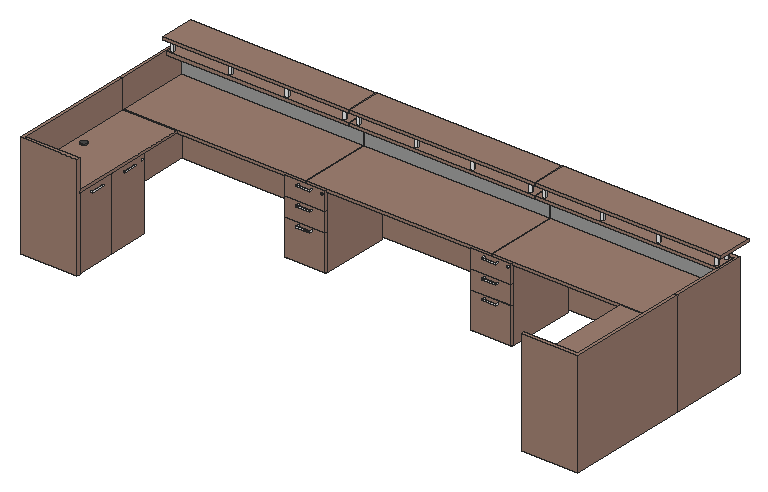
Revit family "T100123", category Furniture, Revit 2022
Family settings
  OmniClass Number = 23.40.20.00
  OmniClass Title = General Furniture and Specialties
  Work Plane-Based = No
  Always vertical = Yes
  Cut with Voids When Loaded = No
  Render Appearance Source = Family Geometry
  Shared = No
  Room Calculation Point = No
Parameters
  Default Elevation = 0' - 0"
Reference planes (in)
  plane 1 "Center Front/Back": y = 0
  plane 2: z = 0
  plane 3 "Center Left/Right": x = 0
Dimensions and locks (in)
  aligned and locked: level to plane 2
Nested families (in)
  nested 1: "OFS ELEMENT TRIPLE DESK WITH RETURN 216in" at (0, 0, 0), type "ELEMENT TRIPLE DESK WITH RETURN 216in Desk 48in Return"
    with Desk Overlay Option yes
  nested 2: "OFS ELEMENT DESK PEDESTAL" at (-36, 10.04085, 0), type "ELEMENT DESK PEDESTAL BOX/BOX/FILE RETURN"
  nested 3: "OFS ELEMENT DESK PEDESTAL" at (36, 10.04085, 0), type "ELEMENT DESK PEDESTAL BOX/BOX/FILE RETURN"
  nested 4: "OFS ELEMENT CPU FILE PEDESTAL" at (-105.375, -48.34375, 0) x (0, 1, 0) z (0, 0, 1), type "ELEMENT CPU FILE PEDESTAL WITH DOORS"
  nested 5: "OFS ELEMENT CPU FILE PEDESTAL" at (105.375, -48.34375, 0) x (0, -1, 0) z (0, 0, 1), type "ELEMENT CPU FILE PEDESTAL WITH DOORS"
  nested 6: "OFS ELEMENT INTERIOR TACKBOARD FOR DESK WITH TRANSACTION SHELF" at (0, 11.54085, 0), type "ELEMENT INTERIOR TACKBOARD FT1139"
Definition of nested family "OFS ELEMENT TRIPLE DESK WITH RETURN 216in"
  Parameters (values of type "ELEMENT TRIPLE DESK WITH RETURN 216in Desk 48in Return")
    Worksurface Material = none
    Width = 18' - 0"
    URL = "http://www.ofsbrands.com/"
    Transaction Shelf Material = none
    Table Supp from Lateral = 0' - 2 5/8"
    Table Supp from Center = 2' - 1"
    Table Depth = 1' - 1 1/2"
    Model = "EL-T72T48"
    Manufacturer = "OFS"
    Lateral Board Thickness = 0' - 1 3/16"
    Height = 3' - 9"
    Standoffs Material = none
    Groomet Material = none
    Desk Overlay Thickness = 0' - 0 1/8"
    Desk Overlay Option [instance] = yes
    Desk Overlay Material = none
    Desk Overlay = 0' - 6 1/2"
    Description = "OFS BRANDS OFS ELEMENT TRIPLE DESK WITH RETURN 216\" Width, 3 X 72\"W x 34.3125\"D DESK, 2 X 48\"W x 22\"D RETURN:"
    Depth = 6' - 10 5/16"
    Default Elevation = 0' - 0"
    Copyright © = "© 2018 OFS BRANDS"
    Catalog = "http://ofs.com/products/casegoods/reception/element"
    Bottom Board Offset = 0' - 0"
    Chassis Material = none
    Base Depth = 2' - 6"
    Back Board Thickness = 0' - 1 3/16"
    Authoring Version = "Autodesk Revit Architecture 2013"
    Assembly Code = "E2020200"
  Types (3): name | Model | Description | Depth
    (no name) | "EL-T72T48" | "OFS BRANDS OFS ELEMENT TRIPLE DESK WITH RETURN 216\" Width, 3 X 72\"W x 34.3125\"D DESK, 2 X 48\"W x 22\"D RETURN:" | 6' - 10 5/16"
    ELEMENT TRIPLE DESK WITH RETURN 216in Desk 48in Return | "EL-T72T48" | "OFS BRANDS OFS ELEMENT TRIPLE DESK WITH RETURN 216\" Width, 3 X 72\"W x 34.3125\"D DESK, 2 X 48\"W x 22\"D RETURN:" | 6' - 10 5/16"
    ELEMENT TRIPLE DESK WITH RETURN 216in Desk 60in Return | "EL-T72T60" | "OFS BRANDS OFS ELEMENT TRIPLE DESK WITH RETURN 216\" Width, 3 X 72\"W x 34.3125\"D DESK, 2 X 60\"W x 22\"D RETURN:" | 7' - 10 5/16"
  Reference planes (in)
    plane 1 "Center Front/Back": y = 0
    plane 2: z = 0
    plane 3 "Center Left/Right": x = 0
    plane 4 "Back External": y = 17.15625
    plane 5 "Right External": x = 108
    plane 6 "Front External": y = -17.15625
    plane 7 "Left External": x = -108
    plane 8 "Seat Height": z = 29.5
    plane 9 "Height": z = 45
    plane 10: x = 106.8125
    plane 11: x = -106.8125
    plane 12: y = 12.84375
    plane 13: y = 11.65625
    plane 14: y = 3.65625
    plane 15: z = 40.5
    plane 16: z = 28.5
    plane 17: z = 43.875
    plane 18: z = 39.375
    plane 19: z = 0
    plane 20: x = -105.375
    plane 21: x = 101.5
    plane 22: x = -101.5
    plane 23: z = 6.5
    plane 24: z = 34
    plane 25: y = 12.96875
    plane 26: x = -36
    plane 27: x = 36
    plane 28: x = -38.625
    plane 29: x = -83
    plane 30: x = -61
    plane 31: x = -33.375
    plane 32: x = 33.375
    plane 33: x = -11
    plane 34: x = 11
    plane 35: x = 105.375
    plane 36: x = 38.625
    plane 37: x = 83
    plane 38: x = 61
    plane 39: y = -65.15625
    plane 40: x = -86
    plane 41: y = -63.96875
    plane 42: x = -103
    plane 43: x = 86
    plane 44: x = 103
    plane 45: y = -40.5625
  Forms (in)
    Extrusion 1, solid, material <- "Worksurface Material"
      sketch origin (0, 0, 0) x (1, 0, 0) y (0, 1, 0)
        loop
          line (-106.8125, 11.65625) -> (-106.8125, -17.15625) -> (-36.03125, -17.15625) -> (-36.03125, 11.65625) -> (-106.8125, 11.65625)
        loop
          line (106.8125, -17.15625) -> (106.8125, 11.65625) -> (36.03125, 11.65625) -> (36.03125, -17.15625) -> (106.8125, -17.15625)
        loop
          line (-35.96875, 11.65625) -> (-35.96875, -17.15625) -> (35.96875, -17.15625) -> (35.96875, 11.65625) -> (-35.96875, 11.65625)
      from 28.5 to 29.5
    Extrusion 2, solid, material <- "Chassis Material"
      sketch origin (0, 0, 0) x (1, 0, 0) y (0, 1, 0)
        loop
          line (-108, -17.15625) -> (-106.8125, -17.15625) -> (-106.8125, 11.65625) -> (-36.03125, 11.65625) -> (-36.03125, 12.84375) -> (-108, 12.84375) -> (-108, -17.15625)
        loop
          line (108, 12.84375) -> (36.03125, 12.84375) -> (36.03125, 11.65625) -> (106.8125, 11.65625) -> (106.8125, -17.15625) -> (108, -17.15625) -> (108, 12.84375)
        loop
          line (-35.96875, 12.84375) -> (-35.96875, 11.65625) -> (35.96875, 11.65625) -> (35.96875, 12.84375) -> (-35.96875, 12.84375)
      from 0 to 40.5
    Extrusion 3, solid, material <- "Chassis Material"
      sketch origin (0, 0, 6) x (1, 0, 0) y (0, 1, 0)
        loop
          line (-106.8125, 11.65625) -> (-106.8125, 3.65625) -> (-36.03125, 3.65625) -> (-36.03125, 11.65625) -> (-106.8125, 11.65625)
        loop
          line (106.8125, 3.65625) -> (106.8125, 11.65625) -> (36.03125, 11.65625) -> (36.03125, 3.65625) -> (106.8125, 3.65625)
        loop
          line (-35.96875, 11.65625) -> (-35.96875, 3.65625) -> (35.96875, 3.65625) -> (35.96875, 11.65625) -> (-35.96875, 11.65625)
      from 33.375 to 34.5
    Extrusion 4, solid, material <- "Transaction Shelf Material"
      sketch origin (0, 0, 6) x (1, 0, 0) y (0, 1, 0)
        loop
          line (-108, 17.15625) -> (-108, 3.65625) -> (-36.03125, 3.65625) -> (-36.03125, 17.15625) -> (-108, 17.15625)
        loop
          line (108, 3.65625) -> (108, 17.15625) -> (36.03125, 17.15625) -> (36.03125, 3.65625) -> (108, 3.65625)
        loop
          line (35.96875, 3.65625) -> (35.96875, 17.15625) -> (-35.96875, 17.15625) -> (-35.96875, 3.65625) -> (35.96875, 3.65625)
      from 37.875 to 39
    Extrusion 5, solid, material <- "Standoffs Material"
      sketch origin (0, 0, 0) x (1, 0, 0) y (0, 1, 0)
        loop
          circle (-105.375, 10.04085) r 0.625
      from 40.5 to 43.875
    Extrusion 6, solid, material <- "Standoffs Material"
      sketch origin (0, -4.75, 0) x (1, 0, 0) y (0, 1, 0)
        loop
          circle (-105.375, 10.04085) r 0.625
      from 40.5 to 43.875
    Extrusion 7, solid, material <- "Desk Overlay Material", visible <- "Desk Overlay Option"
      sketch origin (0, 0, 0) x (1, 0, 0) y (0, 0, 1)
        loop
          line (101.5, 34) -> (-101.5, 34) -> (-101.5, 6.5) -> (101.5, 6.5) -> (101.5, 34)
      from -12.96875 to -12.84375
    Extrusion 8, solid, material <- "Chassis Material"
      sketch origin (-36, 0, 0) x (1, 0, 0) y (0, 1, 0)
        loop
          line (-0.5, 11.65625) -> (-0.5, 0) -> (0.5, 0) -> (0.5, 11.65625) -> (-0.5, 11.65625)
      from 0 to 28.5
    Extrusion 9, solid, material <- "Chassis Material"
      sketch origin (36, 0, 0) x (-1, 0, 0) y (0, -1, 0)
        loop
          line (-0.5, -11.65625) -> (0.5, -11.65625) -> (0.5, 0) -> (-0.5, 0) -> (-0.5, -11.65625)
      from 0 to 28.5
    Extrusion 10, solid, material <- "Standoffs Material"
      sketch origin (-144, 0, 0) x (-1, 0, 0) y (0, -1, 0)
        loop
          circle (-105.375, -10.04085) r 0.625
      from 40.5 to 43.875
    Extrusion 11, solid, material <- "Standoffs Material"
      sketch origin (-144, -4.75, 0) x (-1, 0, 0) y (0, -1, 0)
        loop
          circle (-105.375, -10.04085) r 0.625
      from 40.5 to 43.875
    Extrusion 12, solid, material <- "Standoffs Material"
      sketch origin (22, 0, 0) x (1, 0, 0) y (0, 1, 0)
        loop
          circle (-105, 10.04085) r 0.625
      from 40.5 to 43.875
    Extrusion 13, solid, material <- "Standoffs Material"
      sketch origin (22, -4.75, 0) x (1, 0, 0) y (0, 1, 0)
        loop
          circle (-105, 10.04085) r 0.625
      from 40.5 to 43.875
    Extrusion 14, solid, material <- "Standoffs Material"
      sketch origin (-166, 0, 0) x (-1, 0, 0) y (0, -1, 0)
        loop
          circle (-105, -10.04085) r 0.625
      from 40.5 to 43.875
    Extrusion 15, solid, material <- "Standoffs Material"
      sketch origin (-166, -4.75, 0) x (-1, 0, 0) y (0, -1, 0)
        loop
          circle (-105, -10.04085) r 0.625
      from 40.5 to 43.875
    Extrusion 16, solid, material <- "Standoffs Material"
      sketch origin (72, 0, 0) x (1, 0, 0) y (0, 1, 0)
        loop
          circle (-105.375, 10.04085) r 0.625
      from 40.5 to 43.875
    Extrusion 17, solid, material <- "Standoffs Material"
      sketch origin (72, -4.75, 0) x (1, 0, 0) y (0, 1, 0)
        loop
          circle (-105.375, 10.04085) r 0.625
      from 40.5 to 43.875
    Extrusion 18, solid, material <- "Standoffs Material"
      sketch origin (-72, 0, 0) x (-1, 0, 0) y (0, -1, 0)
        loop
          circle (-105.375, -10.04085) r 0.625
      from 40.5 to 43.875
    Extrusion 19, solid, material <- "Standoffs Material"
      sketch origin (-72, -4.75, 0) x (-1, 0, 0) y (0, -1, 0)
        loop
          circle (-105.375, -10.04085) r 0.625
      from 40.5 to 43.875
    Extrusion 20, solid, material <- "Standoffs Material"
      sketch origin (94, 0, 0) x (1, 0, 0) y (0, 1, 0)
        loop
          circle (-105, 10.04085) r 0.625
      from 40.5 to 43.875
    Extrusion 21, solid, material <- "Standoffs Material"
      sketch origin (94, -4.75, 0) x (1, 0, 0) y (0, 1, 0)
        loop
          circle (-105, 10.04085) r 0.625
      from 40.5 to 43.875
    Extrusion 22, solid, material <- "Standoffs Material"
      sketch origin (-94, 0, 0) x (-1, 0, 0) y (0, -1, 0)
        loop
          circle (-105, -10.04085) r 0.625
      from 40.5 to 43.875
    Extrusion 23, solid, material <- "Standoffs Material"
      sketch origin (-94, -4.75, 0) x (-1, 0, 0) y (0, -1, 0)
        loop
          circle (-105, -10.04085) r 0.625
      from 40.5 to 43.875
    Extrusion 24, solid, material <- "Standoffs Material"
      sketch origin (0, 0, 0) x (-1, 0, 0) y (0, -1, 0)
        loop
          circle (-105.375, -10.04085) r 0.625
      from 40.5 to 43.875
    Extrusion 25, solid, material <- "Standoffs Material"
      sketch origin (0, -4.75, 0) x (-1, 0, 0) y (0, -1, 0)
        loop
          circle (-105.375, -10.04085) r 0.625
      from 40.5 to 43.875
    Extrusion 26, solid, material <- "Standoffs Material"
      sketch origin (144, 0, 0) x (1, 0, 0) y (0, 1, 0)
        loop
          circle (-105.375, 10.04085) r 0.625
      from 40.5 to 43.875
    Extrusion 27, solid, material <- "Standoffs Material"
      sketch origin (144, -4.75, 0) x (1, 0, 0) y (0, 1, 0)
        loop
          circle (-105.375, 10.04085) r 0.625
      from 40.5 to 43.875
    Extrusion 28, solid, material <- "Standoffs Material"
      sketch origin (-22, 0, 0) x (-1, 0, 0) y (0, -1, 0)
        loop
          circle (-105, -10.04085) r 0.625
      from 40.5 to 43.875
    Extrusion 29, solid, material <- "Standoffs Material"
      sketch origin (-22, -4.75, 0) x (-1, 0, 0) y (0, -1, 0)
        loop
          circle (-105, -10.04085) r 0.625
      from 40.5 to 43.875
    Extrusion 30, solid, material <- "Standoffs Material"
      sketch origin (166, 0, 0) x (1, 0, 0) y (0, 1, 0)
        loop
          circle (-105, 10.04085) r 0.625
      from 40.5 to 43.875
    Extrusion 31, solid, material <- "Standoffs Material"
      sketch origin (166, -4.75, 0) x (1, 0, 0) y (0, 1, 0)
        loop
          circle (-105, 10.04085) r 0.625
      from 40.5 to 43.875
    Extrusion 32, solid, material <- "Chassis Material"
      sketch origin (-72, 0, 0) x (1, 0, 0) y (0, 1, 0)
        loop
          line (-36, -17.15625) -> (-36, -65.15625) -> (-14, -65.15625) -> (-14, -63.96875) -> (-34.8125, -63.96875) -> (-34.8125, -17.15625) -> (-36, -17.15625)
      from 0 to 40.5
    Extrusion 33, solid, material <- "Worksurface Material"
      sketch origin (-57.16074, -32.43958, 0) x (1, 0, 0) y (0, 1, 0)
        loop
          line (-49.65176, 15.28333) -> (-49.65176, -31.52917) -> (-28.83926, -31.52917) -> (-28.83926, 15.28333) -> (-49.65176, 15.28333)
      from 28.5 to 29.5
    Extrusion 34, solid, material <- "Chassis Material"
      sketch origin (72, 0, 0) x (-1, 0, 0) y (0, -1, 0)
        loop
          line (-36, 17.15625) -> (-34.8125, 17.15625) -> (-34.8125, 63.96875) -> (-14, 63.96875) -> (-14, 65.15625) -> (-36, 65.15625) -> (-36, 17.15625)
      from 0 to 40.5
    Extrusion 35, solid, material <- "Worksurface Material"
      sketch origin (57.16074, -32.43958, 0) x (-1, 0, 0) y (0, -1, 0)
        loop
          line (-49.65176, -15.28333) -> (-28.83926, -15.28333) -> (-28.83926, 31.52917) -> (-49.65176, 31.52917) -> (-49.65176, -15.28333)
      from 28.5 to 29.5
    Extrusion 36, solid, material <- "Groomet Material"
      sketch origin (-72, 6, 0) x (1, 0, 0) y (0, 1, 0)
        loop
          circle (-31, -46.5625) r 1.25
      from 29.5 to 29.625
    Extrusion 37, solid, material <- "Groomet Material"
      sketch origin (72, 6, 0) x (-1, 0, 0) y (0, -1, 0)
        loop
          circle (-31, 46.5625) r 1.25
      from 29.5 to 29.625
  Dimensions and locks (in)
    equal spacing: plane 7 "Left External", plane 3 "Center Left/Right", plane 5 "Right External"
    "Width": plane 7 "Left External" to plane 5 "Right External"
    equal spacing: plane 6 "Front External", plane 1 "Center Front/Back", plane 4 "Back External"
    "Depth": plane 4 "Back External" to plane 39
    plane 8 "Seat Height" to level = 2' - 5 1/2"
    "Height": plane 9 "Height" to level
    "Lateral Board Thickness": plane 7 "Left External" to plane 11
    "Lateral Board Thickness": plane 10 to plane 5 "Right External"
    "Base Depth": plane 12 to plane 6 "Front External"
    "Back Board Thickness": plane 12 to plane 13
    "Table Depth": plane 4 "Back External" to plane 14
    plane 15 to level = 3' - 4 1/2"
    "Bottom Board Offset": plane 19 to level
    "Table Supp from Lateral": plane 7 "Left External" to plane 20
    "Desk Overlay": plane 5 "Right External" to plane 21
    "Desk Overlay": plane 22 to plane 7 "Left External"
    plane 22 to plane 21 = 16' - 11"
    "Desk Overlay": plane 24 to plane 15
    "Desk Overlay": plane 19 to plane 23
    "Desk Overlay Thickness": plane 25 to plane 12
    equal spacing: plane 7 "Left External", plane 26, plane 27, plane 5 "Right External"
    "Table Supp from Lateral": plane 28 to plane 26
    "Table Supp from Center": plane 7 "Left External" to plane 29
    "Table Supp from Center": plane 30 to plane 26
    "Table Supp from Lateral": plane 26 to plane 31
    "Table Supp from Lateral": plane 32 to plane 27
    "Table Supp from Center": plane 26 to plane 33
    "Table Supp from Center": plane 34 to plane 27
    "Table Supp from Lateral": plane 5 "Right External" to plane 35
    "Table Supp from Lateral": plane 36 to plane 27
    "Table Supp from Center": plane 5 "Right External" to plane 37
    "Table Supp from Center": plane 38 to plane 27
    Extrusion 32 to plane 42 = 0' - 5"
    locked: plane 41 to plane 39 at 1.1875
    Extrusion 34 to plane 44 = 0' - 5"
    equal spacing: plane 6 "Front External", plane 45, plane 41
    aligned and locked: level to plane 2
    aligned and locked: Extrusion 1 sketch curve to plane 13
    aligned and locked: Extrusion 1 sketch curve to plane 11
    aligned and locked: Extrusion 1 sketch curve to plane 6 "Front External"
    aligned and locked: Extrusion 1 sketch curve to plane 10
    aligned and locked: plane 7 "Left External" to Extrusion 2 sketch curve
    aligned and locked: Extrusion 1 to Extrusion 2 sketch curve  (x2)
    aligned and locked: Extrusion 2 sketch curve to Extrusion 1  (x2)
    aligned and locked: Extrusion 2 sketch curve to plane 12
    aligned and locked: plane 5 "Right External" to Extrusion 2 sketch curve
    aligned and locked: Extrusion 2 sketch curve to plane 13
    aligned and locked: Extrusion 2 to plane 19
    aligned and locked: Extrusion 1 to plane 16
    aligned and locked: Extrusion 1 to plane 8 "Seat Height"
    aligned and locked: Extrusion 3 to plane 18
    aligned and locked: plane 11 to Extrusion 3
    aligned and locked: plane 10 to Extrusion 3
    aligned and locked: plane 13 to Extrusion 3
    aligned and locked: Extrusion 3 to plane 14
    aligned and locked: Extrusion 4 to plane 14
    aligned and locked: plane 4 "Back External" to Extrusion 4
    aligned and locked: Extrusion 4 to plane 9 "Height"
    aligned and locked: Extrusion 4 to plane 17
    aligned and locked: plane 5 "Right External" to Extrusion 4
    aligned and locked: Extrusion 4 to plane 7 "Left External"
    aligned and locked: Extrusion 7 sketch curve to plane 24
    aligned and locked: Extrusion 7 sketch curve to plane 21
    aligned and locked: Extrusion 7 sketch curve to plane 23
    aligned and locked: Extrusion 7 sketch curve to plane 22
    aligned and locked: Extrusion 7 to plane 12
    aligned and locked: Extrusion 7 to plane 25
    aligned and locked: Extrusion 32 sketch curve to plane 41
    aligned and locked: plane 40 to Extrusion 32 sketch curve
    aligned and locked: plane 39 to Extrusion 32 sketch curve
    aligned and locked: Extrusion 33 to plane 40
    aligned and locked: Extrusion 33 to plane 41
    aligned and locked: Extrusion 34 sketch curve to plane 41
    aligned and locked: Extrusion 34 sketch curve to plane 43
    aligned and locked: plane 43 to Extrusion 35
    aligned and locked: Extrusion 35 to plane 41
  Automatic sketch dimensions
    Extrusion 1 sketch curve to plane 6 "Front External" = 0' - 0"  (x2)
    Extrusion 1 sketch curve to plane 13 = 0' - 0"  (x2)
    Extrusion 1 sketch curve to plane 26 = 0' - 0 1/32"
    plane 26 to Extrusion 1 sketch curve = 0' - 0 1/32"
    Extrusion 1 sketch curve to plane 27 = 0' - 0 1/32"
    plane 27 to Extrusion 1 sketch curve = 0' - 0 1/32"
    Extrusion 2 sketch curve to plane 12 = 0' - 0"  (x2)
    Extrusion 2 sketch curve to plane 13 = 0' - 0"  (x2)
    Extrusion 2 sketch curve to plane 26 = 0' - 0 1/32"
    plane 26 to Extrusion 2 sketch curve = 0' - 0 1/32"
    Extrusion 2 sketch curve to plane 27 = 0' - 0 1/32"
    plane 27 to Extrusion 2 sketch curve = 0' - 0 1/32"
    Extrusion 3 sketch curve to plane 11 = 0' - 0"
    Extrusion 3 sketch curve to plane 13 = 0' - 0"  (x3)
    Extrusion 3 sketch curve to plane 14 = 0' - 0"  (x3)
    Extrusion 3 sketch curve to plane 10 = 0' - 0"
    Extrusion 3 sketch curve to plane 26 = 0' - 0 1/32"
    plane 26 to Extrusion 3 sketch curve = 0' - 0 1/32"
    Extrusion 3 sketch curve to plane 27 = 0' - 0 1/32"
    plane 27 to Extrusion 3 sketch curve = 0' - 0 1/32"
    Extrusion 4 sketch curve to plane 7 "Left External" = 0' - 0"
    Extrusion 4 sketch curve to plane 14 = 0' - 0"  (x3)
    Extrusion 4 sketch curve to plane 4 "Back External" = 0' - 0"  (x3)
    Extrusion 4 sketch curve to plane 5 "Right External" = 0' - 0"
    Extrusion 4 sketch curve to plane 26 = 0' - 0 1/32"
    plane 26 to Extrusion 4 sketch curve = 0' - 0 1/32"
    Extrusion 4 sketch curve to plane 27 = 0' - 0 1/32"
    plane 27 to Extrusion 4 sketch curve = 0' - 0 1/32"
    Extrusion 5 sketch curve to plane 20 = 0' - 0"
    Extrusion 5 sketch curve to plane 13 = 0' - 1.6154"
    Extrusion 6 sketch curve to plane 20 = 0' - 0"
    plane 14 to Extrusion 6 sketch curve = 0' - 1.6346"
    plane 1 "Center Front/Back" to Extrusion 8 sketch curve = 0' - 0"
    Extrusion 8 sketch curve to plane 13 = 0' - 0"
    Extrusion 8 sketch curve to plane 26 = 0' - 0 1/2"
    plane 26 to Extrusion 8 sketch curve = 0' - 0 1/2"
    plane 1 "Center Front/Back" to Extrusion 9 sketch curve = 0' - 0"
    Extrusion 9 sketch curve to plane 13 = 0' - 0"
    Extrusion 9 sketch curve to plane 27 = 0' - 0 1/2"
    plane 27 to Extrusion 9 sketch curve = 0' - 0 1/2"
    Extrusion 10 sketch curve to plane 28 = 0' - 0"
    plane 13 to Extrusion 10 sketch curve = 0' - 1.6154"
    Extrusion 11 sketch curve to plane 28 = 0' - 0"
    Extrusion 11 sketch curve to plane 14 = 0' - 1.6346"
    Extrusion 12 sketch curve to plane 29 = 0' - 0"
    Extrusion 12 sketch curve to plane 13 = 0' - 1.6154"
    Extrusion 13 sketch curve to plane 29 = 0' - 0"
    plane 14 to Extrusion 13 sketch curve = 0' - 1.6346"
    Extrusion 14 sketch curve to plane 30 = 0' - 0"
    plane 13 to Extrusion 14 sketch curve = 0' - 1.6154"
    Extrusion 15 sketch curve to plane 30 = 0' - 0"
    Extrusion 15 sketch curve to plane 14 = 0' - 1.6346"
    Extrusion 16 sketch curve to plane 31 = 0' - 0"
    Extrusion 16 sketch curve to plane 13 = 0' - 1.6154"
    Extrusion 17 sketch curve to plane 31 = 0' - 0"
    plane 14 to Extrusion 17 sketch curve = 0' - 1.6346"
    Extrusion 18 sketch curve to plane 32 = 0' - 0"
    plane 13 to Extrusion 18 sketch curve = 0' - 1.6154"
    Extrusion 19 sketch curve to plane 32 = 0' - 0"
    Extrusion 19 sketch curve to plane 14 = 0' - 1.6346"
    Extrusion 20 sketch curve to plane 33 = 0' - 0"
    Extrusion 20 sketch curve to plane 13 = 0' - 1.6154"
    Extrusion 21 sketch curve to plane 33 = 0' - 0"
    plane 14 to Extrusion 21 sketch curve = 0' - 1.6346"
    Extrusion 22 sketch curve to plane 34 = 0' - 0"
    plane 13 to Extrusion 22 sketch curve = 0' - 1.6154"
    Extrusion 23 sketch curve to plane 34 = 0' - 0"
    Extrusion 23 sketch curve to plane 14 = 0' - 1.6346"
    Extrusion 24 sketch curve to plane 35 = 0' - 0"
    plane 13 to Extrusion 24 sketch curve = 0' - 1.6154"
    Extrusion 25 sketch curve to plane 35 = 0' - 0"
    Extrusion 25 sketch curve to plane 14 = 0' - 1.6346"
    Extrusion 26 sketch curve to plane 36 = 0' - 0"
    Extrusion 26 sketch curve to plane 13 = 0' - 1.6154"
    Extrusion 27 sketch curve to plane 36 = 0' - 0"
    plane 14 to Extrusion 27 sketch curve = 0' - 1.6346"
    Extrusion 28 sketch curve to plane 37 = 0' - 0"
    plane 13 to Extrusion 28 sketch curve = 0' - 1.6154"
    Extrusion 29 sketch curve to plane 37 = 0' - 0"
    Extrusion 29 sketch curve to plane 14 = 0' - 1.6346"
    Extrusion 30 sketch curve to plane 38 = 0' - 0"
    Extrusion 30 sketch curve to plane 13 = 0' - 1.6154"
    Extrusion 31 sketch curve to plane 38 = 0' - 0"
    plane 14 to Extrusion 31 sketch curve = 0' - 1.6346"
    Extrusion 32 sketch curve to plane 7 "Left External" = 0' - 0"
    Extrusion 32 sketch curve to plane 11 = 0' - 0"
    Extrusion 32 sketch curve to plane 6 "Front External" = 0' - 0"
    Extrusion 33 sketch curve to plane 11 = 0' - 0"
    Extrusion 33 sketch curve to plane 40 = 0' - 0"
    Extrusion 33 sketch curve to plane 41 = 0' - 0"
    Extrusion 33 sketch curve to plane 6 "Front External" = 0' - 0"
    Extrusion 34 sketch curve to plane 5 "Right External" = 0' - 0"
    Extrusion 34 sketch curve to plane 10 = 0' - 0"
    plane 6 "Front External" to Extrusion 34 sketch curve = 0' - 0"
    plane 39 to Extrusion 34 sketch curve = 0' - 0"
    Extrusion 35 sketch curve to plane 10 = 0' - 0"
    plane 41 to Extrusion 35 sketch curve = 0' - 0"
    Extrusion 35 sketch curve to plane 43 = 0' - 0"
    plane 6 "Front External" to Extrusion 35 sketch curve = 0' - 0"
    Extrusion 36 sketch curve to plane 42 = 0' - 0"
    Extrusion 36 sketch curve to plane 45 = 0' - 0"
    Extrusion 37 sketch curve to plane 44 = 0' - 0"
    Extrusion 37 sketch curve to plane 45 = 0' - 0"
    radius of Extrusion 5 sketch curve = 0' - 0 5/8"
    radius of Extrusion 6 sketch curve = 0' - 0 5/8"
    radius of Extrusion 10 sketch curve = 0' - 0 5/8"
    radius of Extrusion 11 sketch curve = 0' - 0 5/8"
    radius of Extrusion 12 sketch curve = 0' - 0 5/8"
    radius of Extrusion 13 sketch curve = 0' - 0 5/8"
    radius of Extrusion 14 sketch curve = 0' - 0 5/8"
    radius of Extrusion 15 sketch curve = 0' - 0 5/8"
    radius of Extrusion 16 sketch curve = 0' - 0 5/8"
    radius of Extrusion 17 sketch curve = 0' - 0 5/8"
    radius of Extrusion 18 sketch curve = 0' - 0 5/8"
    radius of Extrusion 19 sketch curve = 0' - 0 5/8"
    radius of Extrusion 20 sketch curve = 0' - 0 5/8"
    radius of Extrusion 21 sketch curve = 0' - 0 5/8"
    radius of Extrusion 22 sketch curve = 0' - 0 5/8"
    radius of Extrusion 23 sketch curve = 0' - 0 5/8"
    radius of Extrusion 24 sketch curve = 0' - 0 5/8"
    radius of Extrusion 25 sketch curve = 0' - 0 5/8"
    radius of Extrusion 26 sketch curve = 0' - 0 5/8"
    radius of Extrusion 27 sketch curve = 0' - 0 5/8"
    radius of Extrusion 28 sketch curve = 0' - 0 5/8"
    radius of Extrusion 29 sketch curve = 0' - 0 5/8"
    radius of Extrusion 30 sketch curve = 0' - 0 5/8"
    radius of Extrusion 31 sketch curve = 0' - 0 5/8"
    radius of Extrusion 36 sketch curve = 0' - 1 1/4"
    radius of Extrusion 37 sketch curve = 0' - 1 1/4"
Definition of nested family "OFS ELEMENT DESK PEDESTAL"
  Parameters (values of type "ELEMENT DESK PEDESTAL FILE/FILE RETURN")
    Worksurface Material = none
    Width = 1' - 3 5/8"
    URL = "http://ofsbrands.com"
    Top Thickness = 0' - 0"
    Lateral Boads Thickness = 0' - 0 5/8"
    Frontboard Thickness = 0' - 0 3/4"
    Frontboard Space = 0' - 0 1/4"
    Drawer Handles Material = none
    Drawer Handle Width = 0' - 5 7/16"
    Drawer Handle Depth = 0' - 1"
    Drawer 1 Height = 1' - 2 1/2"
    Door Gap = 0' - 0 1/8"
    Depth = 2' - 3 5/8"
    Model = "EL-1628MFFC"
    Manufacturer = "OFS"
    Height = 2' - 4 13/16"
    Description = "OFS BRANDS OFS ELEMENT DESK PEDESTAL FILE/FILE RETURN, Two File Drawers"
    Default Elevation = 0' - 0"
    Copyright © = "© OFS BRANDS 2018"
    Chasis Material = none
    Catalog = "http://ofs.com/products/casegoods/reception/element"
    Bottomboard Thickness = 0' - 0 15/16"
    Bottom Board Offset = 0' - 0 9/16"
    Backboard Thickness = 0' - 0 15/16"
    Authoring Version = "Autodesk Revit Architecture 2013"
    Assembly Code = "E2020200"
    2 = no
    1 = yes
  Types (3): name | Model | Description | 2 | 1
    (no name) | "EL-1628MFFC" | "OFS BRANDS OFS ELEMENT DESK PEDESTAL FILE/FILE RETURN, Two File Drawers" | no | yes
    ELEMENT DESK PEDESTAL BOX/BOX/FILE RETURN | "EL-1628MBFC" | "OFS BRANDS OFS ELEMENT DESK PEDESTAL BOX/BOX/FILE RETURN, Two Box Drawers, One File Drawer" | yes | no
    ELEMENT DESK PEDESTAL FILE/FILE RETURN | "EL-1628MFFC" | "OFS BRANDS OFS ELEMENT DESK PEDESTAL FILE/FILE RETURN, Two File Drawers" | no | yes
  Reference planes (in)
    plane 1 "Center Front/Back": y = 0
    plane 2: z = 0
    plane 3 "Center Left/Right": x = 0
    plane 4 "Left End": x = -7.8125
    plane 5 "Front End": y = -27.625
    plane 6 "Right End": x = 7.8125
    plane 7 "Height Top": z = 28.8125
    plane 8: z = 0.5625
    plane 9: y = -0.9375
    plane 10: y = -27.375
    plane 11: x = 7.1875
    plane 12: x = -7.1875
    plane 13: y = -26.625
    plane 14: z = 1.5
    plane 15: z = 28.8125
    plane 16: x = 0
    plane 17: x = -2.71875
    plane 18: x = 2.71875
    plane 19: y = -28.375
    plane 20: y = -22.31418
    plane 21: x = -2.46875
    plane 22: y = -28.125
    plane 23: x = 2.46875
    plane 24: z = 27.8125
    plane 25: z = 27.3125
    plane 26: z = 14.5
    plane 27: z = 14.375
    plane 28: z = 21.65625
    plane 29: z = 21.53125
    plane 30: z = 20.65625
    plane 31: z = 20.15625
    plane 32: z = 13.5
    plane 33: z = 13
    plane 34: z = 14.96875
    plane 35: z = 14.03125
  Forms (in)
    Extrusion 1, solid, material <- "Chasis Material"
      sketch origin (-3.125, -5.41266, 0) x (1, 0, 0) y (0, 1, 0)
        loop
          line (-4.6875, 5.41266) -> (-4.6875, -21.21234) -> (-4.0625, -21.21234) -> (-4.0625, 5.41266) -> (-4.6875, 5.41266)
      from 0 to 28.8125
    Extrusion 2, solid, material <- "Chasis Material"
      sketch origin (37.875, -5.41266, 0) x (1, 0, 0) y (0, 1, 0)
        loop
          line (-30.6875, 5.41266) -> (-30.6875, -21.21234) -> (-30.0625, -21.21234) -> (-30.0625, 5.41266) -> (-30.6875, 5.41266)
      from 0 to 28.8125
    Extrusion 3, solid, material <- "Chasis Material"
      sketch origin (-5.10739, -10.02382, 0) x (1, 0, 0) y (0, 1, 0)
        loop
          line (-2.70511, -16.60118) -> (-2.70511, -17.35118) -> (12.91989, -17.35118) -> (12.91989, -16.60118) -> (-2.70511, -16.60118)
      from 0.5625 to 14.375
    Extrusion 4, solid, material <- "Chasis Material"
      sketch origin (0, 0, 0) x (1, 0, 0) y (0, 1, 0)
        loop
          line (-7.1875, -0.9375) -> (-7.1875, -26.625) -> (7.1875, -26.625) -> (7.1875, -0.9375) -> (-7.1875, -0.9375)
      from 0.5625 to 1.5
    Extrusion 5, solid, material <- "Drawer Handles Material"
      sketch origin (7.8125, 0, 0) x (1, 0, 0) y (0, 1, 0)
        loop
          line (-10.53125, -27.375) -> (-10.53125, -28.375) -> (-5.09375, -28.375) -> (-5.09375, -27.375) -> (-5.34375, -27.375) -> (-5.34375, -28.125) -> (-10.28125, -28.125) -> (-10.28125, -27.375) -> (-10.53125, -27.375)
      from 27.3125 to 27.8125
    Extrusion 6, solid, material <- "Drawer Handles Material", visible <- "2"
      sketch origin (7.8125, 0, -7.15625) x (1, 0, 0) y (0, 1, 0)
        loop
          line (-10.53125, -27.375) -> (-10.53125, -28.375) -> (-5.09375, -28.375) -> (-5.09375, -27.375) -> (-5.34375, -27.375) -> (-5.34375, -28.125) -> (-10.28125, -28.125) -> (-10.28125, -27.375) -> (-10.53125, -27.375)
      from 27.3125 to 27.8125
    Extrusion 7, solid, material <- "Drawer Handles Material"
      sketch origin (7.8125, 0, -14.3125) x (1, 0, 0) y (0, 1, 0)
        loop
          line (-10.53125, -27.375) -> (-10.53125, -28.375) -> (-5.09375, -28.375) -> (-5.09375, -27.375) -> (-5.34375, -27.375) -> (-5.34375, -28.125) -> (-10.28125, -28.125) -> (-10.28125, -27.375) -> (-10.53125, -27.375)
      from 27.3125 to 27.8125
    Extrusion 8, solid, material <- "Chasis Material", visible <- "1"
      sketch origin (-5.10739, -10.02382, 10.75) x (1, 0, 0) y (0, 1, 0)
        loop
          line (-2.70511, -16.60118) -> (-2.70511, -17.35118) -> (12.91989, -17.35118) -> (12.91989, -16.60118) -> (-2.70511, -16.60118)
      from 3.75 to 18.0625
    Extrusion 9, solid, material <- "Chasis Material", visible <- "2"
      sketch origin (-18.01928, -10.02382, 13.32115) x (-1, 0, 0) y (0, -1, 0)
        loop
          line (-25.83178, 16.60118) -> (-10.20678, 16.60118) -> (-10.20678, 17.35118) -> (-25.83178, 17.35118) -> (-25.83178, 16.60118)
      from 8.3351 to 15.49135
    Extrusion 10, solid, material <- "Chasis Material", visible <- "2"
      sketch origin (-20.85209, -10.02382, 6.64749) x (-1, 0, 0) y (0, -1, 0)
        loop
          line (-28.66459, 16.60118) -> (-13.03959, 16.60118) -> (-13.03959, 17.35118) -> (-28.66459, 17.35118) -> (-28.66459, 16.60118)
      from 7.85251 to 14.88376
    Extrusion 11, solid, material <- "Chasis Material"
      sketch origin (0, 0, 0) x (0, 1, 0) y (0, 0, 1)
        loop
          line (-22.87008, 28.23707) -> (-22.87008, 27.4375) -> (-20.37008, 27.4375) -> (-20.37008, 28.23707) -> (-22.87008, 28.23707)
        loop
          line (-2.53617, 27.4375) -> (-0.03617, 27.4375) -> (-0.03617, 28.23707) -> (-2.53617, 28.23707) -> (-2.53617, 27.4375)
        loop
          line (-0.9375, 23.05758) -> (-0.07543, 23.05758) -> (-0.07543, 25.55758) -> (-0.9375, 25.55758) -> (-0.9375, 23.05758)
        loop
          line (-0.9375, 3.00492) -> (-0.07543, 3.00492) -> (-0.07543, 5.50492) -> (-0.9375, 5.50492) -> (-0.9375, 3.00492)
      from -7.1875 to 7.1875
    Extrusion 12, solid, material <- "Chasis Material"
      sketch origin (0, 0, 0) x (1, 0, 0) y (0, 0, 1)
        loop
          line (-7.1875, 14.96875) -> (-7.1875, 14.03125) -> (7.1875, 14.03125) -> (7.1875, 14.96875) -> (-7.1875, 14.96875)
      from 0.9375 to 26.625
    Blend 13, solid, material <- "Drawer Handles Material"
      base sketch origin (-45.26475, -5.625, 1.53469) x (1, 0, 0) y (0, 0, 1)
        loop
          circle (51.8743, 26.01563) r 0.31101
      top sketch origin (-45.26475, -5.625, 1.53469) x (1, 0, 0) y (0, 0, 1)
        loop
          circle (51.8743, 26.01563) r 0.25
      from 21.75 to 22
  Dimensions and locks (in)
    "Height": plane 7 "Height Top" to level
    "Bottom Board Offset": plane 8 to level
    "Depth": plane 5 "Front End" to plane 1 "Center Front/Back"
    equal spacing: plane 4 "Left End", plane 3 "Center Left/Right", plane 6 "Right End"
    "Width": plane 4 "Left End" to plane 6 "Right End"
    "Backboard Thickness": plane 9 to plane 1 "Center Front/Back"
    "Frontboard Space": plane 10 to plane 5 "Front End"
    "Lateral Boads Thickness": plane 4 "Left End" to plane 12
    "Lateral Boads Thickness": plane 11 to plane 6 "Right End"
    "Frontboard Thickness": plane 13 to plane 10
    "Bottomboard Thickness": plane 14 to plane 8
    "Top Thickness": plane 7 "Height Top" to plane 15
    equal spacing: plane 17, plane 16, plane 18
    "Drawer Handle Width": plane 17 to plane 18
    "Drawer Handle Depth": plane 10 to plane 19
    locked: plane 17 to plane 21 at 0.25
    locked: plane 22 to plane 19 at 0.25
    locked: plane 18 to plane 23 at 0.25
    locked: plane 15 to plane 24 at 1
    locked: plane 24 to plane 25 at 0.5
    "Drawer 1 Height": plane 26 to level
    "Door Gap": plane 26 to plane 27
    equal spacing: plane 15, plane 28, plane 26
    "Door Gap": plane 28 to plane 29
    locked: plane 28 to plane 30 at 1
    locked: plane 30 to plane 31 at 0.5
    locked: plane 26 to plane 32 at 1
    locked: plane 32 to plane 33 at 0.5
    equal spacing: plane 34, plane 26, plane 35
    "Backboard Thickness": plane 34 to plane 35
    aligned and locked: level to plane 2
    aligned and locked: Extrusion 1 to plane 4 "Left End"
    aligned and locked: Extrusion 1 to plane 12
    aligned and locked: Extrusion 1 to plane 1 "Center Front/Back"
    aligned and locked: Extrusion 1 to plane 13
    aligned and locked: Extrusion 2 to plane 1 "Center Front/Back"
    aligned and locked: Extrusion 2 to plane 13
    aligned and locked: plane 11 to Extrusion 2
    aligned and locked: Extrusion 2 to plane 6 "Right End"
    aligned and locked: Extrusion 3 to plane 10
    aligned and locked: plane 13 to Extrusion 3
    aligned and locked: Extrusion 3 to plane 4 "Left End"
    aligned and locked: Extrusion 1 to plane 15
    aligned and locked: Extrusion 2 to plane 15
    aligned and locked: Extrusion 3 to plane 8
    aligned and locked: Extrusion 2 to level
    aligned and locked: Extrusion 1 to level
    aligned and locked: Extrusion 4 sketch curve to plane 9
    aligned and locked: Extrusion 4 sketch curve to plane 12
    aligned and locked: plane 11 to Extrusion 4 sketch curve
    aligned and locked: plane 13 to Extrusion 4 sketch curve
    aligned and locked: Extrusion 4 to plane 8
    aligned and locked: plane 14 to Extrusion 4
    aligned and locked: Extrusion 5 sketch curve to plane 17
    aligned and locked: Extrusion 5 sketch curve to plane 10  (x2)
    aligned and locked: Extrusion 5 sketch curve to plane 22
    aligned and locked: plane 18 to Extrusion 5 sketch curve
    aligned and locked: Extrusion 5 sketch curve to plane 23
    aligned and locked: plane 24 to Extrusion 5
    aligned and locked: Extrusion 5 to plane 25
    aligned and locked: plane 30 to Extrusion 6
    aligned and locked: Extrusion 6 to plane 31
    aligned and locked: plane 32 to Extrusion 7
    aligned and locked: Extrusion 7 to plane 33
    aligned and locked: plane 27 to Extrusion 3
    aligned and locked: Extrusion 8 to plane 4 "Left End"
    aligned and locked: Extrusion 9 to plane 28
    aligned and locked: plane 29 to Extrusion 10
    aligned and locked: Extrusion 10 to plane 26
    aligned and locked: Extrusion 9 to plane 15
    aligned and locked: Extrusion 8 to plane 15
    aligned and locked: Extrusion 8 to plane 26
    aligned and locked: plane 12 to Extrusion 11
    aligned and locked: Extrusion 11 to plane 11
    aligned and locked: plane 11 to Extrusion 12 sketch curve
    aligned and locked: Extrusion 12 sketch curve to plane 12
    aligned and locked: Extrusion 12 sketch curve to plane 34
    aligned and locked: Extrusion 12 sketch curve to plane 35
    aligned and locked: Extrusion 12 to plane 13
    aligned and locked: plane 9 to Extrusion 12
    aligned and locked: Extrusion 9 to plane 6 "Right End"
    aligned and locked: Extrusion 8 to plane 6 "Right End"
    aligned and locked: Extrusion 10 to plane 6 "Right End"
    aligned and locked: Extrusion 3 to plane 6 "Right End"
    aligned and locked: plane 16 to plane 3 "Center Left/Right"
  Automatic sketch dimensions
    Extrusion 1 sketch curve to plane 4 "Left End" = 0' - 0"
    Extrusion 1 sketch curve to plane 12 = 0' - 0"
    Extrusion 1 sketch curve to plane 13 = 0' - 0"
    plane 1 "Center Front/Back" to Extrusion 1 sketch curve = 0' - 0"
    Extrusion 2 sketch curve to plane 11 = 0' - 0"
    Extrusion 2 sketch curve to plane 6 "Right End" = 0' - 0"
    Extrusion 2 sketch curve to plane 13 = 0' - 0"
    plane 1 "Center Front/Back" to Extrusion 2 sketch curve = 0' - 0"
    Extrusion 3 sketch curve to plane 4 "Left End" = 0' - 0"
    Extrusion 3 sketch curve to plane 10 = 0' - 0"
    Extrusion 3 sketch curve to plane 13 = 0' - 0"
    Extrusion 5 sketch curve to plane 21 = 0' - 0"
    Extrusion 5 sketch curve to plane 19 = 0' - 0"
    Extrusion 6 sketch curve to plane 10 = 0' - 0"  (x2)
    Extrusion 6 sketch curve to plane 17 = 0' - 0"
    Extrusion 6 sketch curve to plane 21 = 0' - 0"
    Extrusion 6 sketch curve to plane 23 = 0' - 0"
    Extrusion 6 sketch curve to plane 18 = 0' - 0"
    Extrusion 6 sketch curve to plane 19 = 0' - 0"
    plane 22 to Extrusion 6 sketch curve = 0' - 0"
    Extrusion 7 sketch curve to plane 10 = 0' - 0"  (x2)
    Extrusion 7 sketch curve to plane 17 = 0' - 0"
    Extrusion 7 sketch curve to plane 21 = 0' - 0"
    Extrusion 7 sketch curve to plane 23 = 0' - 0"
    Extrusion 7 sketch curve to plane 18 = 0' - 0"
    Extrusion 7 sketch curve to plane 19 = 0' - 0"
    plane 22 to Extrusion 7 sketch curve = 0' - 0"
    Extrusion 8 sketch curve to plane 4 "Left End" = 0' - 0"
    Extrusion 8 sketch curve to plane 10 = 0' - 0"
    Extrusion 8 sketch curve to plane 13 = 0' - 0"
    Extrusion 9 sketch curve to plane 10 = 0' - 0"
    Extrusion 9 sketch curve to plane 4 "Left End" = 0' - 0"
    Extrusion 9 sketch curve to plane 13 = 0' - 0"
    Extrusion 10 sketch curve to plane 10 = 0' - 0"
    Extrusion 10 sketch curve to plane 4 "Left End" = 0' - 0"
    Extrusion 10 sketch curve to plane 13 = 0' - 0"
    Extrusion 11 sketch curve to plane 9 = 0' - 0"  (x2)
    plane 1 "Center Front/Back" to Extrusion 11 sketch curve = 0' - 0.07543"  (x2)
    plane 14 to Extrusion 11 sketch curve = 0' - 1.50492"
    plane 25 to Extrusion 11 sketch curve = 0' - 0 1/8"  (x2)
    Extrusion 11 sketch curve to plane 9 = 0' - 1.59867"
    plane 13 to Extrusion 11 sketch curve = 0' - 6.25492"
    plane 24 to Extrusion 11 sketch curve = 0' - 0.42457"  (x2)
    Extrusion 11 sketch curve to Extrusion 11 sketch curve = 0' - 2 1/2"  (x2)
    plane 1 "Center Front/Back" to Extrusion 11 sketch curve = 0' - 0.03617"
    plane 28 to Extrusion 11 sketch curve = 0' - 1.40133"
    Extrusion 11 sketch curve to plane 25 = 0' - 1.75492"
    plane 3 "Center Left/Right" to Extrusion 3 sketch curve = 0' - 7 13/16"
    plane 3 "Center Left/Right" to Extrusion 8 sketch curve = 0' - 7 13/16"
    plane 3 "Center Left/Right" to Extrusion 9 sketch curve = 0' - 7 13/16"
    plane 3 "Center Left/Right" to Extrusion 10 sketch curve = 0' - 7 13/16"
    plane 25 to Blend 13 sketch curve = 0' - 0.23781"  (x2)
    plane 11 to Blend 13 sketch curve = 0' - 0.57795"  (x2)
    radius of Blend 13 sketch curve = 0' - 0.31101"
    radius of Blend 13 sketch curve = 0' - 0 1/4"
Definition of nested family "OFS ELEMENT CPU FILE PEDESTAL"
  Parameters (values of type "ELEMENT CPU FILE PEDESTAL WITH DOORS")
    Worksurface Material = none
    Width = 2' - 7 1/4"
    URL = "http://ofsbrands.com"
    Top Thickness = 0' - 0 3/4"
    Lateral Boads Thickness = 0' - 0 3/4"
    Frontboard Thickness = 0' - 0 3/4"
    Frontboard Space = 0' - 0 1/4"
    Drawer Handles Material = none
    Drawer Handle Width = 0' - 5 7/16"
    Drawer Handle Depth = 0' - 1"
    Drawer 1 Height = 1' - 2 1/2"
    Doors = yes
    Door Gap = 0' - 0 1/8"
    Depth = 1' - 7 5/8"
    Model = "EL-3120MCPU/D"
    Manufacturer = "OFS"
    Height = 2' - 4 13/16"
    Description = "OFS BRANDS OFS ELEMENT CPU FILE PEDESTAL WITH DOORS, Left Side: CPU Storage Open Back, Right Side: One Adjustable Shelf Full Back"
    Default Elevation = 0' - 0"
    Copyright © = "© OFS BRANDS 2018"
    Chasis Material = none
    Catalog = "http://ofs.com/products/casegoods/reception/element"
    Bottomboard Thickness = 0' - 0 3/4"
    Bottom Board Offset = 0' - 1 1/2"
    Backboard Thickness = 0' - 0 3/4"
    Authoring Version = "Autodesk Revit Architecture 2013"
    Assembly Code = "E2020200"
  Types (3): name | Doors | Model | Description
    (no name) | yes | "EL-3120MCPU/D" | "OFS BRANDS OFS ELEMENT CPU FILE PEDESTAL WITH DOORS, Left Side: CPU Storage Open Back, Right Side: One Adjustable Shelf Full Back"
    ELEMENT CPU FILE PEDESTAL | no | "EL-3119MCPU" | "OFS BRANDS OFS ELEMENT CPU FILE PEDESTAL, Left Side: CPU Storage Open Back, Right Side: One Adjustable Shelf Full Back"
    ELEMENT CPU FILE PEDESTAL WITH DOORS | yes | "EL-3120MCPU/D" | "OFS BRANDS OFS ELEMENT CPU FILE PEDESTAL WITH DOORS, Left Side: CPU Storage Open Back, Right Side: One Adjustable Shelf Full Back"
  Reference planes (in)
    plane 1 "Center Front/Back": y = 0
    plane 2: z = 0
    plane 3 "Center Left/Right": x = 0
    plane 4 "Left End": x = -15.625
    plane 5 "Front End": y = -19.625
    plane 6 "Right End": x = 15.625
    plane 7 "Height Top": z = 28.8125
    plane 8: z = 1.5
    plane 9: y = -0.75
    plane 10: y = -19.375
    plane 11: x = 14.875
    plane 12: x = -14.875
    plane 13: y = -18.625
    plane 14: z = 2.25
    plane 15: z = 28.0625
    plane 16: x = -0.0625
    plane 17: x = 0.0625
    plane 18: x = 7.8125
    plane 19: x = -7.8125
    plane 20: x = -10.53125
    plane 21: x = -5.09375
    plane 22: x = 10.53125
    plane 23: x = 5.09375
    plane 24: y = -20.375
    plane 25: y = -22.31418
    plane 26: x = -10.28125
    plane 27: y = -20.125
    plane 28: x = -5.34375
    plane 29: z = 27.0625
    plane 30: z = 26.5625
    plane 31: x = 10.28125
    plane 32: x = 5.34375
    plane 33: z = 14.5
    plane 34: z = 14.375
    plane 35: z = 21.28125
    plane 36: z = 21.15625
    plane 37: z = 20.28125
    plane 38: z = 19.78125
    plane 39: z = 13.5
    plane 40: z = 13
    plane 41: z = 14.875
    plane 42: z = 14.125
    plane 43: z = 0.375
    plane 44: x = -4.875
    plane 45: x = -4.125
  Forms (in)
    Extrusion 1, solid, material <- "Chasis Material"
      sketch origin (-3.125, -5.41266, 0) x (1, 0, 0) y (0, 1, 0)
        loop
          line (-12.5, 5.41266) -> (-12.5, -13.21234) -> (-11.75, -13.21234) -> (-11.75, 5.41266) -> (-12.5, 5.41266)
      from 0 to 28.8125
    Extrusion 2, solid, material <- "Chasis Material"
      sketch origin (37.875, -5.41266, 0) x (1, 0, 0) y (0, 1, 0)
        loop
          line (-23, 5.41266) -> (-23, -13.21234) -> (-22.25, -13.21234) -> (-22.25, 5.41266) -> (-23, 5.41266)
      from 0 to 28.8125
    Extrusion 3, solid, material <- "Chasis Material", visible <- "Doors"
      sketch origin (-5.10739, -10.02382, 0) x (1, 0, 0) y (0, 1, 0)
        loop
          line (-10.51761, -8.60118) -> (-10.51761, -9.35118) -> (5.04489, -9.35118) -> (5.04489, -8.60118) -> (-10.51761, -8.60118)
      from 0.375 to 28.8125
    Extrusion 4, solid, material <- "Chasis Material", visible <- "Doors"
      sketch origin (14.89261, -10.02382, 0) x (1, 0, 0) y (0, 1, 0)
        loop
          line (-14.83011, -8.60118) -> (-14.83011, -9.35118) -> (0.73239, -9.35118) -> (0.73239, -8.60118) -> (-14.83011, -8.60118)
      from 0.375 to 28.8125
    Extrusion 5, solid, material <- "Chasis Material"
      sketch origin (0, 0, 0) x (1, 0, 0) y (0, 1, 0)
        loop
          line (-14.875, 0) -> (-14.875, -18.625) -> (14.875, -18.625) -> (14.875, 0) -> (-14.875, 0)
      from 1.5 to 2.25
    Extrusion 6, solid, material <- "Drawer Handles Material", visible <- "Doors"
      sketch origin (0, 0, 0) x (1, 0, 0) y (0, 1, 0)
        loop
          line (-10.53125, -19.375) -> (-10.53125, -20.375) -> (-5.09375, -20.375) -> (-5.09375, -19.375) -> (-5.34375, -19.375) -> (-5.34375, -20.125) -> (-10.28125, -20.125) -> (-10.28125, -19.375) -> (-10.53125, -19.375)
      from 26.5625 to 27.0625
    Extrusion 7, solid, material <- "Drawer Handles Material", visible <- "Doors"
      sketch origin (11, 0, 0) x (1, 0, 0) y (0, 1, 0)
        loop
          line (-5.90625, -19.375) -> (-5.90625, -20.375) -> (-0.46875, -20.375) -> (-0.46875, -19.375) -> (-0.71875, -19.375) -> (-0.71875, -20.125) -> (-5.65625, -20.125) -> (-5.65625, -19.375) -> (-5.90625, -19.375)
      from 26.5625 to 27.0625
    Extrusion 8, solid, material <- "Chasis Material"
      sketch origin (0, 0, 0) x (1, 0, 0) y (0, 1, 0)
        loop
          line (-4.875, 0) -> (-4.875, -18.625) -> (-4.125, -18.625) -> (-4.125, 0) -> (-4.875, 0)
      from 2.25 to 28.0625
    Blend 9, solid, material <- "Drawer Handles Material", visible <- "Doors"
      base sketch origin (-37.51475, 2.375, 1.53469) x (1, 0, 0) y (0, 0, 1)
        loop
          circle (51.7493, 25.26563) r 0.31101
      top sketch origin (-37.51475, 2.375, 1.53469) x (1, 0, 0) y (0, 0, 1)
        loop
          circle (51.7493, 25.26563) r 0.25
      from 21.75 to 22
    Extrusion 10, solid, material <- "Worksurface Material"
      sketch origin (0, 0, 0) x (1, 0, 0) y (0, 1, 0)
        loop
          line (-14.875, 0) -> (-14.875, -18.625) -> (14.875, -18.625) -> (14.875, 0) -> (-14.875, 0)
      from 28.0625 to 28.8125
    Extrusion 11, solid, material <- "Chasis Material"
      sketch origin (0, 0, 0) x (1, 0, 0) y (0, 1, 0)
        loop
          line (-14.875, -18.375) -> (-14.875, -18.625) -> (14.875, -18.625) -> (14.875, -18.375) -> (-14.875, -18.375)
      from 0 to 1.5
    Extrusion 12, solid, material <- "Chasis Material"
      sketch origin (0, 0, 0) x (1, 0, 0) y (0, 1, 0)
        loop
          line (-4.125, 0) -> (-4.125, -0.75) -> (14.875, -0.75) -> (14.875, 0) -> (-4.125, 0)
      from 2.25 to 28.0625
    Extrusion 13, solid, material <- "Chasis Material"
      sketch origin (0, 0, 0) x (1, 0, 0) y (0, 0, 1)
        loop
          line (-4.125, 15.25) -> (-4.125, 14.5) -> (14.875, 14.5) -> (14.875, 15.25) -> (-4.125, 15.25)
      from 0.75 to 18.625
  Dimensions and locks (in)
    "Height": plane 7 "Height Top" to level
    "Bottom Board Offset": plane 8 to level
    "Depth": plane 5 "Front End" to plane 1 "Center Front/Back"
    equal spacing: plane 4 "Left End", plane 3 "Center Left/Right", plane 6 "Right End"
    "Width": plane 4 "Left End" to plane 6 "Right End"
    "Backboard Thickness": plane 9 to plane 1 "Center Front/Back"
    "Frontboard Space": plane 10 to plane 5 "Front End"
    "Lateral Boads Thickness": plane 4 "Left End" to plane 12
    "Lateral Boads Thickness": plane 11 to plane 6 "Right End"
    "Frontboard Thickness": plane 13 to plane 10
    "Bottomboard Thickness": plane 14 to plane 8
    "Top Thickness": plane 7 "Height Top" to plane 15
    equal spacing: plane 16, plane 3 "Center Left/Right", plane 17
    "Door Gap": plane 16 to plane 17
    equal spacing: plane 3 "Center Left/Right", plane 18, plane 6 "Right End"
    equal spacing: plane 3 "Center Left/Right", plane 19, plane 4 "Left End"
    equal spacing: plane 20, plane 19, plane 21
    equal spacing: plane 22, plane 18, plane 23
    "Drawer Handle Width": plane 20 to plane 21
    "Drawer Handle Width": plane 23 to plane 22
    "Drawer Handle Depth": plane 10 to plane 24
    locked: plane 20 to plane 26 at 0.25
    locked: plane 27 to plane 24 at 0.25
    locked: plane 21 to plane 28 at 0.25
    locked: plane 15 to plane 29 at 1
    locked: plane 29 to plane 30 at 0.5
    locked: plane 22 to plane 31 at 0.25
    locked: plane 23 to plane 32 at 0.25
    "Drawer 1 Height": plane 33 to level
    "Door Gap": plane 33 to plane 34
    equal spacing: plane 15, plane 35, plane 33
    "Door Gap": plane 35 to plane 36
    locked: plane 35 to plane 37 at 1
    locked: plane 37 to plane 38 at 0.5
    locked: plane 33 to plane 39 at 1
    locked: plane 39 to plane 40 at 0.5
    equal spacing: plane 41, plane 33, plane 42
    "Backboard Thickness": plane 41 to plane 42
    locked: plane 43 to level at 0.375
    plane 12 to plane 44 = 0' - 10"
    locked: plane 44 to plane 45 at 0.75
    aligned and locked: level to plane 2
    aligned and locked: Extrusion 1 to plane 4 "Left End"
    aligned and locked: Extrusion 1 to plane 12
    aligned and locked: Extrusion 1 to plane 1 "Center Front/Back"
    aligned and locked: Extrusion 1 to plane 13
    aligned and locked: Extrusion 2 to plane 1 "Center Front/Back"
    aligned and locked: Extrusion 2 to plane 13
    aligned and locked: plane 11 to Extrusion 2
    aligned and locked: Extrusion 2 to plane 6 "Right End"
    aligned and locked: Extrusion 3 to plane 10
    aligned and locked: plane 13 to Extrusion 3
    aligned and locked: plane 16 to Extrusion 3
    aligned and locked: Extrusion 3 to plane 4 "Left End"
    aligned and locked: plane 13 to Extrusion 4
    aligned and locked: Extrusion 4 to plane 10
    aligned and locked: Extrusion 4 to plane 17
    aligned and locked: Extrusion 4 to plane 6 "Right End"
    aligned and locked: Extrusion 2 to level
    aligned and locked: Extrusion 1 to level
    aligned and locked: Extrusion 5 sketch curve to plane 12
    aligned and locked: plane 11 to Extrusion 5 sketch curve
    aligned and locked: plane 13 to Extrusion 5 sketch curve
    aligned and locked: plane 20 to Extrusion 6 sketch curve
    aligned and locked: Extrusion 6 sketch curve to plane 10  (x2)
    aligned and locked: Extrusion 6 sketch curve to plane 27
    aligned and locked: Extrusion 6 sketch curve to plane 21
    aligned and locked: plane 28 to Extrusion 6 sketch curve
    aligned and locked: plane 29 to Extrusion 6
    aligned and locked: Extrusion 6 to plane 30
    aligned and locked: plane 22 to Extrusion 7
    aligned and locked: Extrusion 7 to plane 31
    aligned and locked: plane 32 to Extrusion 7
    aligned and locked: Extrusion 7 to plane 23
    aligned and locked: Extrusion 7 to plane 24
    aligned and locked: Extrusion 7 to plane 27
    aligned and locked: plane 10 to Extrusion 7  (x2)
    aligned and locked: Extrusion 7 to plane 30
    aligned and locked: plane 29 to Extrusion 7
    aligned and locked: plane 13 to Extrusion 8 sketch curve
    aligned and locked: plane 1 "Center Front/Back" to Extrusion 10 sketch curve
    aligned and locked: plane 7 "Height Top" to Extrusion 4
    aligned and locked: plane 7 "Height Top" to Extrusion 3
    aligned and locked: plane 15 to Extrusion 10
    aligned and locked: plane 12 to Extrusion 10
    aligned and locked: Extrusion 10 to plane 11
    aligned and locked: plane 7 "Height Top" to Extrusion 2
    aligned and locked: plane 7 "Height Top" to Extrusion 1
    aligned and locked: Extrusion 3 to Extrusion 4
    aligned and locked: Extrusion 8 to plane 1 "Center Front/Back"
    aligned and locked: plane 13 to Extrusion 11 sketch curve
    aligned and locked: plane 11 to Extrusion 11 sketch curve
    aligned and locked: Extrusion 11 sketch curve to plane 12
    aligned and locked: Extrusion 8 to plane 15
    aligned and locked: Extrusion 8 to plane 14
    aligned and locked: Extrusion 8 to plane 45
    aligned and locked: Extrusion 8 to plane 44
    aligned and locked: Extrusion 5 to plane 1 "Center Front/Back"
    aligned and locked: plane 45 to Extrusion 12 sketch curve
    aligned and locked: plane 11 to Extrusion 12 sketch curve
    aligned and locked: plane 1 "Center Front/Back" to Extrusion 12 sketch curve
    aligned and locked: plane 9 to Extrusion 12 sketch curve
    aligned and locked: Extrusion 12 to plane 15
    aligned and locked: Extrusion 12 to plane 14
    aligned and locked: plane 45 to Extrusion 13 sketch curve
    aligned and locked: plane 11 to Extrusion 13 sketch curve
    aligned and locked: plane 33 to Extrusion 13 sketch curve
    aligned and locked: plane 9 to Extrusion 13
    aligned and locked: Extrusion 13 to plane 13
  Automatic sketch dimensions
    Extrusion 1 sketch curve to plane 4 "Left End" = 0' - 0"
    Extrusion 1 sketch curve to plane 12 = 0' - 0"
    Extrusion 1 sketch curve to plane 13 = 0' - 0"
    plane 1 "Center Front/Back" to Extrusion 1 sketch curve = 0' - 0"
    Extrusion 2 sketch curve to plane 11 = 0' - 0"
    Extrusion 2 sketch curve to plane 6 "Right End" = 0' - 0"
    Extrusion 2 sketch curve to plane 13 = 0' - 0"
    plane 1 "Center Front/Back" to Extrusion 2 sketch curve = 0' - 0"
    Extrusion 3 sketch curve to plane 4 "Left End" = 0' - 0"
    Extrusion 3 sketch curve to plane 10 = 0' - 0"
    Extrusion 3 sketch curve to plane 16 = 0' - 0"
    Extrusion 3 sketch curve to plane 13 = 0' - 0"
    Extrusion 4 sketch curve to plane 10 = 0' - 0"
    Extrusion 4 sketch curve to plane 17 = 0' - 0"
    Extrusion 4 sketch curve to plane 6 "Right End" = 0' - 0"
    Extrusion 4 sketch curve to plane 13 = 0' - 0"
    Extrusion 6 sketch curve to plane 26 = 0' - 0"
    Extrusion 6 sketch curve to plane 24 = 0' - 0"
    Extrusion 7 sketch curve to plane 10 = 0' - 0"  (x2)
    Extrusion 7 sketch curve to plane 23 = 0' - 0"
    Extrusion 7 sketch curve to plane 32 = 0' - 0"
    Extrusion 7 sketch curve to plane 31 = 0' - 0"
    Extrusion 7 sketch curve to plane 22 = 0' - 0"
    Extrusion 7 sketch curve to plane 24 = 0' - 0"
    plane 27 to Extrusion 7 sketch curve = 0' - 0"
    plane 9 to Extrusion 8 sketch curve = 0' - 0 3/4"
    plane 30 to Blend 9 sketch curve = 0' - 0.23781"  (x2)
    plane 11 to Blend 9 sketch curve = 0' - 0.64045"  (x2)
    plane 5 "Front End" to Extrusion 10 sketch curve = 0' - 1"
    plane 4 "Left End" to Extrusion 10 sketch curve = 0' - 0 3/4"
    plane 6 "Right End" to Extrusion 10 sketch curve = 0' - 0 3/4"
    Extrusion 8 sketch curve to plane 17 = 0' - 4 3/16"
    plane 16 to Extrusion 8 sketch curve = 0' - 4 13/16"
    Extrusion 11 sketch curve to Extrusion 11 sketch curve = 0' - 0 1/4"
    plane 9 to Extrusion 5 sketch curve = 0' - 0 3/4"
    plane 41 to Extrusion 13 sketch curve = 0' - 0 3/8"
    radius of Blend 9 sketch curve = 0' - 0.31101"
    radius of Blend 9 sketch curve = 0' - 0 1/4"
Definition of nested family "OFS ELEMENT INTERIOR TACKBOARD FOR DESK WITH TRANSACTION SHELF"
  Parameters (values of type "ELEMENT INTERIOR TACKBOARD FT1137")
    Width 2 = 5' - 10 11/16"
    Width = 11' - 9 3/8"
    URL = "http://ofsbrands.com"
    Default Elevation = 0' - 0"
    3 Piece = no
    Depth = 0' - 0 1/2"
    Tackboard Material = none
    Model = "FT1137"
    Manufacturer = "OFS"
    Height = 0' - 9 11/16"
    Description = "OFS BRANDS OFS ELEMENT INTERIOR TACKBOARD FT1137 - Two 70.6875\"W Pieces - Use with EL-T72D, EL-T72D48 and EL-T72D60"
    Copyright © = "© OFS BRANDS 2018"
    Catalog = "http://ofs.com/products/casegoods/reception/element"
    Bottom Board Offset = 2' - 5 1/2"
    Authoring Version = "Autodesk Revit Architecture 2013"
    Assembly Code = "E2020200"
    2 Piece = yes
    1 Piece = no
  Types (11): name | Width 2 | Width | 3 Piece | Model | Description | 2 Piece | 1 Piece
    (no name) | 5' - 10 11/16" | 11' - 9 3/8" | no | "FT1137" | "OFS BRANDS OFS ELEMENT INTERIOR TACKBOARD FT1137 - Two 70.6875\"W Pieces - Use with EL-T72D, EL-T72D48 and EL-T72D60" | yes | no
    ELEMENT INTERIOR TACKBOARD FT1145 | 0' - 1" | 2' - 10 11/16" | no | "FT1145" | "OFS BRANDS OFS ELEMENT INTERIOR TACKBOARD FT1145 - Use with EL-T72LL48C, EL-T72RL48C, EL-T72LL60C and EL-T72RL60C" | no | yes
    ELEMENT INTERIOR TACKBOARD FT1141 | 2' - 10 11/16" | 11' - 9 7/16" | no | "FT1141" | "OFS BRANDS OFS ELEMENT INTERIOR TACKBOARD FT1141 - Two 34.6875\"W Pieces - Use with EL-T72DC" | yes | no
    ELEMENT INTERIOR TACKBOARD FT1143 | 0' - 1" | 5' - 9 1/2" | no | "FT1143" | "OFS BRANDS OFS ELEMENT INTERIOR TACKBOARD FT1143 - Use with EL-T72S, EL-T72LL48, EL-T72RL48, EL-T72LL60, EL-T72RL60, EL-T72LU48, EL-T72RU48, EL-T72LU60, and EL-T72RU60" | no | yes
    ELEMENT INTERIOR TACKBOARD FT1137 | 5' - 10 11/16" | 11' - 9 3/8" | no | "FT1137" | "OFS BRANDS OFS ELEMENT INTERIOR TACKBOARD FT1137 - Two 70.6875\"W Pieces - Use with EL-T72D, EL-T72D48 and EL-T72D60" | yes | no
    ELEMENT INTERIOR TACKBOARD FT1139 | 5' - 10 11/16" | 17' - 9 1/4" | yes | "FT1139" | "OFS BRANDS OFS ELEMENT INTERIOR TACKBOARD FT1139 - Two 70.6875\"W Pieces and One 71.875\"W Piece - Use with EL-T72T, EL-T72T48 and EL-T72T60" | yes | no
